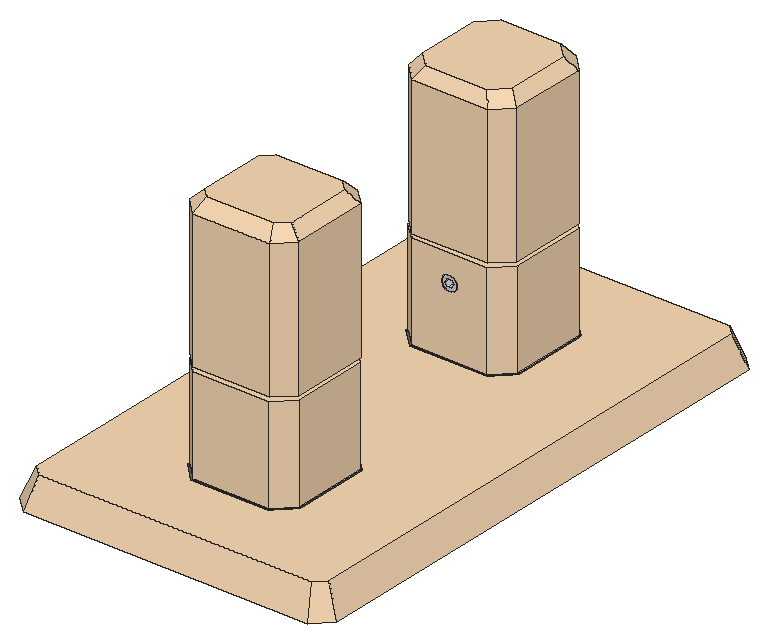
Revit family "Shower-Valve_Trim-KALLISTA-Italy-P33365", category Specialty Equipment, host Face, Revit 2021
Family settings
  Host = Face
  Round Connector Dimension = Use Diameter
  Part Type = Normal
  OmniClass Number = 23.31.25.00
  OmniClass Title = Toilet and Bath Specialties
  Cut with Voids When Loaded = No
  Shared = No
  Room Calculation Point = No
Parameters (values of type "2MB-Brushed Brass")
  Width = 4.56693"  # constant formula
  WaterSense Certified = 1 = 0  # no
  URL = "https://www.kallista.com/"
  Type = 1
  Product Page URL = ""
  Product Name = "Italy"  # constant formula
  Product Documentation Link = ""
  Model = if(Type = 1, "P33365-00-2MB", if(Type = 2, "P33365-00-BGP", if(Type = 3, "P33365-00-BLH", if(Type = 4, "P33365-00-BN", if(Type = 5, "P33365-00-CP", if(Type = 6, "P33365-00-PGP", "NA"))))))  # "P33365-00-2MB"
  Material = "Premium Metal Construction"  # constant formula
  Master Format 2014 Name = "Toilet, Bath, and Laundry Accessories"  # constant formula
  Master Format 2014 = "10 28 00"  # constant formula
  Manufacturer Address = "444 Highland Dr, Kohler, WI 53044"  # constant formula
  Manufacturer = "Kallista Co."  # constant formula
  Length = 4.01575"  # constant formula
  Height = 7.87402"  # constant formula
  Handle Clearance = 1 147/256"  # constant formula
  Finish = Kallista-Metal-2MB- Brushed_Brass
  Environmental Product Declaration = ""
  Description = "3-Outlet Stacked Thermostatic Trim With Diverter"  # constant formula
  Default Elevation = 42"
  Declare Label = ""
  Date Modified = "10/18/2024"  # constant formula
  Date Created = "10/18/2024"  # constant formula
  Copyright = "Copyright Kallista Co."  # constant formula
  Contact Us = "https://www.kallista.com/corporate/contact-us/"
  Assembly Code = "C1030200"
  ADA Compliant = 1 = 0  # no
Types (7): name | Type | Model | Finish
  (no name) | 1 | "P33365-00-2MB" | Kallista-Metal-2MB- Brushed_Brass
  2MB-Brushed Brass | 1 | "P33365-00-2MB" | Kallista-Metal-2MB- Brushed_Brass
  BGP-Brushed Graphite | 2 | "P33365-00-BGP" | Kallista-Metal-BGP-Brushed_Graphite
  BLH-Blush Brass | 3 | "P33365-00-BLH" | Kallista-Metal-BLH-Blush_Brass
  BN-Brushed Nickel | 4 | "P33365-00-BN" | Kallista-Metal-BN-Brushed_Nickel
  CP-Chrome | 5 | "P33365-00-CP" | Kallista-Metal-CP-Chrome
  PGP-Polished Graphite | 6 | "P33365-00-PGP" | Kallista-Metal-PGP-Polished_Graphite
Reference planes (in)
  plane 1 "Center (Front/Back)": y = 0
  plane 2: z = 0
  plane 3 "Center (Left/Right)": x = 0
  plane 4: y = 3.75532
  plane 5: y = 3.93701
  plane 6: y = -3.93701
  plane 7: x = -2.28346
  plane 8: x = 2.28346
  plane 9: y = -1.9685
  plane 10: y = 1.9685
  plane 11: x = -0.7874
  plane 12: x = 0.78682
  plane 13: z = 4.01575
  plane 14: z = 0.43307
  plane 15: y = -1.04721
  plane 16: y = 2.75591
  plane 17: y = 1.1811
  plane 18: y = 1.9685
  plane 19: y = 1.9685
  plane 20: y = -2.75591
  plane 21: y = -1.1811
Dimensions and locks (in)
  "Width": plane 7 to plane 8
  "Height": plane 5 to plane 6
  "Length": level to plane 13
  "Handle Clearance": plane 11 to plane 12
  plane 10 to plane 9 = 3.93701"
  plane 5 to plane 6 = 7.87402"  (x2)
  plane 16 to plane 17 = 1.5748"  (x2)
  plane 21 to plane 20 = 1.5748"  (x2)
  plane 6 to plane 5 = 7.87402"
  level to plane 13 = 4.01575"  (x2)
  plane 17 to plane 16 = 1.5748"
  plane 20 to plane 21 = 1.5748"
  plane 7 to plane 8 = 4.56693"
  plane 11 to plane 12 = 1 147/256"
  level to plane 14 = 0.43307"  (x2)
  plane 14 to level = 0.43307"
  aligned and locked: plane 2 to host face
  aligned and locked: level to host face
  aligned and locked: plane 3 "Center (Left/Right)" to nested 1
  aligned and locked: plane 1 "Center (Front/Back)" to nested 1
Automatic sketch dimensions
  host sketch curve to host sketch curve = 96"  (x2)
Nested families (in)
  nested 1: "P33365" at (0, 0, 0), type "P33365"
Definition of nested family "P33365"
  Parameters
    Material = none
    Default Elevation = 0"
  Reference planes (in)
    plane 1 "Center (Front/Back)": y = 0
    plane 2: z = 0
    plane 3 "Center (Left/Right)": x = 0
    plane 4: y = -3.93701
    plane 5: y = 3.93701
    plane 6: x = -2.28346
    plane 7: x = 2.28346
    plane 8: y = 1.9685
    plane 9: y = -1.9685
    plane 10: y = -1.9685
    plane 11: z = 3.85802
    plane 12: z = 0.43307
    plane 13: z = 4.01575
    plane 14: y = -1.04721
    plane 15: x = 0.7874
    plane 16: x = -0.7874
    plane 17: y = 2.75591
    plane 18: y = 1.1811
    plane 19: y = -2.75591
    plane 20: y = -1.1811
  Forms (in)
    Blend 1, solid, material <- "Material", detail levels medium+fine
      base sketch origin (0, 0, 0) x (1, 0, 0) y (0, 1, 0)
        loop
          line (2.05113, 3.93701) -> (-2.0469, 3.93701) -> (-2.28346, 3.70044) -> (-2.28346, -3.69967) -> (-2.04613, -3.93701) -> (2.0497, -3.93701) -> (2.28346, -3.70325) -> (2.28346, 3.70468) -> (2.05113, 3.93701)
      top sketch origin (0, 0, 0) x (1, 0, 0) y (0, 1, 0)
        loop
          line (-1.98293, 3.75532) -> (-2.10632, 3.63193) -> (-2.10632, -3.62597) -> (-1.97127, -3.76102) -> (1.97189, -3.76102) -> (2.10291, -3.63) -> (2.10291, 3.63109) -> (1.97868, 3.75532) -> (-1.98293, 3.75532)
      from 0 to 0.43358
    Blend 2, solid, material <- "Material", detail levels medium+fine
      base sketch origin (0, 0, 0) x (1, 0, 0) y (0, 1, 0)
        loop
          line (-0.78877, 1.41604) -> (-0.55057, 1.17783) -> (0.54389, 1.17783) -> (0.78877, 1.42271) -> (0.78877, 2.51429) -> (0.54389, 2.75917) -> (-0.55057, 2.75917) -> (-0.78877, 2.52097) -> (-0.78877, 1.41604)
      top sketch origin (0, 0, 0) x (1, 0, 0) y (0, 1, 0)
        loop
          line (-0.78877, 1.41604) -> (-0.55057, 1.17783) -> (0.54389, 1.17783) -> (0.78877, 1.42271) -> (0.78877, 2.51429) -> (0.54389, 2.75917) -> (-0.55057, 2.75917) -> (-0.78877, 2.52097) -> (-0.78877, 1.41604)
      from 0.43358 to 1.81471
    Blend 3, solid, material <- "Material", detail levels medium+fine
      base sketch origin (0, 0, 0) x (1, 0, 0) y (0, 1, 0)
        loop
          line (-0.78877, -1.41604) -> (-0.78877, -2.52097) -> (-0.55057, -2.75917) -> (0.54389, -2.75917) -> (0.78877, -2.51429) -> (0.78877, -1.42271) -> (0.54389, -1.17783) -> (-0.55057, -1.17783) -> (-0.78877, -1.41604)
      top sketch origin (0, 0, 0) x (1, 0, 0) y (0, 1, 0)
        loop
          line (-0.78877, -1.41604) -> (-0.78877, -2.52097) -> (-0.55057, -2.75917) -> (0.54389, -2.75917) -> (0.78877, -2.51429) -> (0.78877, -1.42271) -> (0.54389, -1.17783) -> (-0.55057, -1.17783) -> (-0.78877, -1.41604)
      from 0.43358 to 1.81471
    Revolve 4, solid, detail levels medium+fine
      sketch origin (0, 0, 0) x (0, 1, 0) y (0, 0, 1)
        loop
          line (1.9685, 1.8777) -> (1.9685, 1.81471) -> (2.43095, 1.81471) -> (2.43095, 1.8462) -> (2.69687, 1.8462) -> (2.69687, 1.8777) -> (1.9685, 1.8777)
        axis (1.9685, 1.81471) -> (1.9685, 1.8777)
      angle from 0 to 360
    Revolve 5, solid, detail levels medium+fine
      sketch origin (0, 0, 0) x (0, -1, 0) y (0, 0, -1)
        loop
          line (1.9685, -1.8777) -> (2.69687, -1.8777) -> (2.69687, -1.8462) -> (2.43095, -1.8462) -> (2.43095, -1.81471) -> (1.9685, -1.81471) -> (1.9685, -1.8777)
        axis (1.9685, -1.81471) -> (1.9685, -1.8777)
      angle from 0 to 360
    Extrusion 6, solid, material <- "Material", detail levels medium+fine
      sketch origin (0, 0, 0) x (1, 0, 0) y (0, 1, 0)
        loop
          line (0.78662, 1.41005) -> (0.78662, 2.52024) -> (0.55213, 2.75473) -> (-0.54829, 2.75473) -> (-0.78819, 2.51483) -> (-0.78819, 1.4247) -> (-0.53905, 1.17556) -> (0.55213, 1.17556) -> (0.78662, 1.41005)
      from 1.8777 to 3.85967
    Extrusion 7, solid, material <- "Material", detail levels medium+fine
      sketch origin (0, 0, 0) x (1, 0, 0) y (0, 1, 0)
        loop
          line (0.78662, -1.41005) -> (0.55213, -1.17556) -> (-0.53905, -1.17556) -> (-0.78819, -1.4247) -> (-0.78819, -2.51483) -> (-0.54829, -2.75473) -> (0.55213, -2.75473) -> (0.78662, -2.52024) -> (0.78662, -1.41005)
      from 1.8777 to 3.85967
    Blend 8, solid, material <- "Material", detail levels medium+fine
      base sketch origin (0, 0, 0) x (1, 0, 0) y (0, 1, 0)
        loop
          line (0.78662, 1.41005) -> (0.78662, 2.52024) -> (0.55213, 2.75473) -> (-0.54829, 2.75473) -> (-0.78819, 2.51483) -> (-0.78819, 1.4247) -> (-0.53905, 1.17556) -> (0.55213, 1.17556) -> (0.78662, 1.41005)
      top sketch origin (0, 0, 0) x (1, 0, 0) y (0, 1, 0)
        loop
          line (-0.43623, 2.64079) -> (-0.64925, 2.42778) -> (-0.64925, 1.50923) -> (-0.43623, 1.29621) -> (0.43623, 1.29621) -> (0.64925, 1.50923) -> (0.64925, 2.42778) -> (0.43623, 2.64079) -> (-0.43623, 2.64079)
      from 3.85967 to 4.02402
    Blend 9, solid, material <- "Material", detail levels medium+fine
      base sketch origin (0, 0, 0) x (1, 0, 0) y (0, 1, 0)
        loop
          line (0.55213, -1.17556) -> (-0.53905, -1.17556) -> (-0.78819, -1.4247) -> (-0.78819, -2.51483) -> (-0.54829, -2.75473) -> (0.55213, -2.75473) -> (0.78662, -2.52024) -> (0.78662, -1.41005) -> (0.55213, -1.17556)
      top sketch origin (0, 0, 0) x (1, 0, 0) y (0, 1, 0)
        loop
          line (-0.48545, -2.59158) -> (0.48545, -2.59158) -> (0.62464, -2.45239) -> (0.62464, -1.48462) -> (0.48545, -1.34543) -> (-0.48545, -1.34543) -> (-0.62464, -1.48462) -> (-0.62464, -2.45239) -> (-0.48545, -2.59158)
      from 3.85967 to 4.02402
    Extrusion 10, void
      sketch origin (0, 0, 0) x (1, 0, 0) y (0, 0, 1)
        loop
          circle (-0.00221, 1.42345) r 0.11024
      from -1.49506 to -1.14184
    Extrusion 11, solid, detail levels medium+fine
      sketch origin (0, 0, 0) x (1, 0, 0) y (0, 0, 1)
        loop
          circle (0.00119, 1.42046) r 0.1063
        loop
          line (-0.06493, 1.42128) -> (-0.03217, 1.36454) -> (0.03291, 1.36454) -> (0.06605, 1.42194) -> (0.03301, 1.47916) -> (-0.03151, 1.47916) -> (-0.06493, 1.42128)
      from -1.49506 to -1.18137
    Extrusion 12, solid, material <- "Material", detail levels medium+fine
      sketch origin (0, 0, 0) x (1, 0, 0) y (0, 0, 1)
        loop
          line (0.14917, 2.60015) -> (0.14917, 2.87507)
          arc (0.14917, 2.87507) -> (0.00134, 3.02289) -> (-0.14648, 2.87507) r 0.14782
          line (-0.14648, 2.87507) -> (-0.14648, 2.60015)
          arc (-0.14648, 2.60015) -> (0.00134, 2.45232) -> (0.14917, 2.60015) r 0.14782
        loop
          arc (0.09824, 2.87666) -> (0.00063, 2.97427) -> (-0.09697, 2.87666) r 0.09761
          line (-0.09697, 2.87666) -> (-0.09697, 2.59704)
          arc (-0.09697, 2.59704) -> (0.00063, 2.49944) -> (0.09824, 2.59704) r 0.09761
          line (0.09824, 2.59704) -> (0.09824, 2.87666)
      from 1.04721 to 1.31456
    Extrusion 13, solid, material <- "Material", detail levels medium+fine
      sketch origin (0, 0, 0) x (1, 0, 0) y (0, 0, 1)
        loop
          arc (0.09824, 2.87666) -> (0.00063, 2.97427) -> (-0.09697, 2.87666) r 0.09761
          line (-0.09697, 2.87666) -> (-0.09697, 2.59704)
          arc (-0.09697, 2.59704) -> (0.00063, 2.49944) -> (0.09824, 2.59704) r 0.09761
          line (0.09824, 2.59704) -> (0.09824, 2.87666)
      from 1.04721 to 1.41604
    Blend 14, solid, material <- "Material", detail levels coarse
      base sketch origin (0, 0, 0) x (1, 0, 0) y (0, 1, 0)
        loop
          line (2.28346, 3.93701) -> (-2.28346, 3.93701) -> (-2.28346, -3.93701) -> (2.28346, -3.93701) -> (2.28346, 3.93701)
      top sketch origin (0, 0, 0) x (1, 0, 0) y (0, 1, 0)
        loop
          line (2.10291, -3.76102) -> (2.10291, 3.75532) -> (-2.10632, 3.75532) -> (-2.10632, -3.76102) -> (2.10291, -3.76102)
      from 0 to 0.43358
    Blend 15, solid, material <- "Material", detail levels coarse
      base sketch origin (0, 0, 0) x (1, 0, 0) y (0, 1, 0)
        loop
          line (0.78662, 1.41005) -> (0.78662, 2.52024) -> (0.55213, 2.75473) -> (-0.54829, 2.75473) -> (-0.78819, 2.51483) -> (-0.78819, 1.4247) -> (-0.53905, 1.17556) -> (0.55213, 1.17556) -> (0.78662, 1.41005)
      top sketch origin (0, 0, 0) x (1, 0, 0) y (0, 1, 0)
        loop
          line (0.78662, 1.41005) -> (0.78662, 2.52024) -> (0.55213, 2.75473) -> (-0.54829, 2.75473) -> (-0.78819, 2.51483) -> (-0.78819, 1.4247) -> (-0.53905, 1.17556) -> (0.55213, 1.17556) -> (0.78662, 1.41005)
      from 0 to 4.02402
    Blend 16, solid, material <- "Material", detail levels coarse
      base sketch origin (0, -0.00554, 0) x (1, 0, 0) y (0, 1, 0)
        loop
          line (0.78662, -1.41005) -> (0.55213, -1.17556) -> (-0.53905, -1.17556) -> (-0.78819, -1.4247) -> (-0.78819, -2.51483) -> (-0.54829, -2.75473) -> (0.55213, -2.75473) -> (0.78662, -2.52024) -> (0.78662, -1.41005)
      top sketch origin (0, -0.00554, 0) x (1, 0, 0) y (0, 1, 0)
        loop
          line (0.78662, -1.41005) -> (0.55213, -1.17556) -> (-0.53905, -1.17556) -> (-0.78819, -1.4247) -> (-0.78819, -2.51483) -> (-0.54829, -2.75473) -> (0.55213, -2.75473) -> (0.78662, -2.52024) -> (0.78662, -1.41005)
      from 0 to 4.02402
    Extrusion 17, solid, material <- "Material", detail levels coarse
      sketch origin (0, 0, 0) x (1, 0, 0) y (0, 0, 1)
        loop
          line (-0.14648, 2.87507) -> (-0.14648, 2.60015)
          arc (-0.14648, 2.60015) -> (0.00134, 2.45232) -> (0.14917, 2.60015) r 0.14782
          line (0.14917, 2.60015) -> (0.14917, 2.87507)
          arc (0.14917, 2.87507) -> (0.00134, 3.02289) -> (-0.14648, 2.87507) r 0.14782
      from 1.03851 to 1.42271
    Extrusion 18, void
      sketch origin (0, 0, 0) x (1, 0, 0) y (0, 1, 0)
        loop
          line (0.55204, -1.15815) -> (-0.55872, -1.15815) -> (-0.80846, -1.40788) -> (-0.80846, -2.52913) -> (-0.55872, -2.77886) -> (0.55204, -2.77886) -> (0.80846, -2.52245) -> (0.80846, -1.41456) -> (0.55204, -1.15815)
        loop
          line (0.80846, 1.41456) -> (0.80846, 2.52245) -> (0.55204, 2.77886) -> (-0.55872, 2.77886) -> (-0.80846, 2.52913) -> (-0.80846, 1.40788) -> (-0.55872, 1.15815) -> (0.55204, 1.15815) -> (0.80846, 1.41456)
        loop
          line (-0.78877, 1.41604) -> (-0.55057, 1.17783) -> (0.54389, 1.17783) -> (0.78877, 1.42271) -> (0.78877, 2.51429) -> (0.54389, 2.75917) -> (-0.55057, 2.75917) -> (-0.78877, 2.52097) -> (-0.78877, 1.41604)
        loop
          line (-0.78877, -2.52097) -> (-0.55057, -2.75917) -> (0.54389, -2.75917) -> (0.78877, -2.51429) -> (0.78877, -1.42271) -> (0.54389, -1.17783) -> (-0.55057, -1.17783) -> (-0.78877, -1.41604) -> (-0.78877, -2.52097)
      from 0.41211 to 0.50627
    Extrusion 19, solid, detail levels medium+fine
      sketch origin (0, 0, 0) x (1, 0, 0) y (0, 1, 0)
        loop
          line (0.55204, -1.15815) -> (-0.55872, -1.15815) -> (-0.80846, -1.40788) -> (-0.80846, -2.52913) -> (-0.55872, -2.77886) -> (0.55204, -2.77886) -> (0.80846, -2.52245) -> (0.80846, -1.41456) -> (0.55204, -1.15815)
        loop
          line (0.80846, 1.41456) -> (0.80846, 2.52245) -> (0.55204, 2.77886) -> (-0.55872, 2.77886) -> (-0.80846, 2.52913) -> (-0.80846, 1.40788) -> (-0.55872, 1.15815) -> (0.55204, 1.15815) -> (0.80846, 1.41456)
        loop
          line (-0.78877, 1.41604) -> (-0.55057, 1.17783) -> (0.54389, 1.17783) -> (0.78877, 1.42271) -> (0.78877, 2.51429) -> (0.54389, 2.75917) -> (-0.55057, 2.75917) -> (-0.78877, 2.52097) -> (-0.78877, 1.41604)
        loop
          line (-0.78877, -2.52097) -> (-0.55057, -2.75917) -> (0.54389, -2.75917) -> (0.78877, -2.51429) -> (0.78877, -1.42271) -> (0.54389, -1.17783) -> (-0.55057, -1.17783) -> (-0.78877, -1.41604) -> (-0.78877, -2.52097)
      from 0.41211 to 0.43358
  Cuts and joins
    joined: Extrusion 12, Extrusion 13
    Extrusion 10 cuts Blend 2
    joined: Blend 2, Blend 3
    joined: Extrusion 7, Blend 9
    joined: Extrusion 6, Blend 8
    Extrusion 18 cuts Blend 1
  Lines and regions (in)
    Masking region 1
      outline origin (0, 0, 0) x (1, 0, 0) y (0, 1, 0)
        loop
          line (2.28346, 3.70468) -> (2.05113, 3.93701) -> (-2.0469, 3.93701) -> (-2.28346, 3.70044) -> (-2.28346, -3.69967) -> (-2.04613, -3.93701) -> (2.0497, -3.93701) -> (2.28346, -3.70325) -> (2.28346, 3.70468)
    Masking region 2
      outline origin (0, 0, 0) x (1, 0, 0) y (0, 0, 1)
        loop
          line (0.6328, 4.01575) -> (-0.6328, 4.01575) -> (-0.7874, 3.85887) -> (-0.7874, 1.8777) -> (-0.72837, 1.8777) -> (-0.72837, 1.8462) -> (-0.46325, 1.8462) -> (-0.46325, 1.81471) -> (-0.7874, 1.81471) -> (-0.7874, 0.43307) -> (-2.10558, 0.43307) -> (-2.28346, 0.25518) -> (-2.28346, 0) -> (2.28346, 0) -> (2.28346, 0.25518) -> (2.10558, 0.43307) -> (0.7874, 0.43307) -> (0.7874, 1.81471) -> (0.46325, 1.81471) -> (0.46325, 1.8462) -> (0.72837, 1.8462) -> (0.72837, 1.8777) -> (0.7874, 1.8777) -> (0.7874, 3.85887) -> (0.6328, 4.01575)
    Masking region 3
      outline origin (0, 0, 0) x (0, 1, 0) y (0, 0, 1)
        loop
          line (3.93701, 0) -> (3.93701, 0.25518) -> (3.75912, 0.43307) -> (2.75591, 0.43307) -> (2.75591, 1.81471) -> (2.43095, 1.81471) -> (2.43095, 1.8462) -> (2.69687, 1.8462) -> (2.69687, 1.8777) -> (2.75591, 1.8777) -> (2.75591, 3.85848) -> (2.5998, 4.01575) -> (1.33721, 4.01575) -> (1.1811, 3.85848) -> (1.1811, 1.8777) -> (1.24014, 1.8777) -> (1.24014, 1.8462) -> (1.50606, 1.8462) -> (1.50606, 1.81471) -> (1.1811, 1.81471) -> (1.1811, 0.43307) -> (-1.1811, 0.43307) -> (-1.1811, 1.81471) -> (-1.50606, 1.81471) -> (-1.50606, 1.8462) -> (-1.24014, 1.8462) -> (-1.24014, 1.8777) -> (-1.1811, 1.8777) -> (-1.1811, 2.45232) -> (-1.04721, 2.45232) -> (-1.04721, 3.02289) -> (-1.1811, 3.02289) -> (-1.1811, 3.85848) -> (-1.33721, 4.01575) -> (-2.5998, 4.01575) -> (-2.75591, 3.85848) -> (-2.75591, 1.8777) -> (-2.69687, 1.8777) -> (-2.69687, 1.8462) -> (-2.43095, 1.8462) -> (-2.43095, 1.81471) -> (-2.75591, 1.81471) -> (-2.75591, 0.43307) -> (-3.75912, 0.43307) -> (-3.93701, 0.25518) -> (-3.93701, 0) -> (3.93701, 0)
    symbolic lines, detail levels medium+fine
      curve 1: line (0.55213, 2.75473, 0) -> (-0.54829, 2.75473, 0)
      curve 2: line (-0.78819, 2.51483, 0) -> (-0.78819, 1.4247, 0)
      curve 3: line (-0.54829, 2.75473, 0) -> (-0.78819, 2.51483, 0)
      curve 4: line (-0.78819, 1.4247, 0) -> (-0.53905, 1.17556, 0)
      curve 5: line (-0.53905, 1.17556, 0) -> (0.55213, 1.17556, 0)
      curve 6: line (0.55213, 1.17556, 0) -> (0.78662, 1.41005, 0)
      curve 7: line (0.78662, 1.41005, 0) -> (0.78662, 2.52024, 0)
      curve 8: line (0.48545, 2.59158, 0) -> (-0.48545, 2.59158, 0)
      curve 9: line (-0.48545, 2.59158, 0) -> (-0.62464, 2.45239, 0)
      curve 10: line (-0.62464, 2.45239, 0) -> (-0.62464, 1.48462, 0)
      curve 11: line (-0.62464, 1.48462, 0) -> (-0.48545, 1.34543, 0)
      curve 12: line (-0.48545, 1.34543, 0) -> (0.48545, 1.34543, 0)
      curve 13: line (0.48545, 1.34543, 0) -> (0.62464, 1.48462, 0)
      curve 14: line (0.62464, 1.48462, 0) -> (0.62464, 2.45239, 0)
      curve 15: line (0.62464, 2.45239, 0) -> (0.48545, 2.59158, 0)
      curve 16: line (0.55213, -1.17556, 0) -> (-0.53905, -1.17556, 0)
      curve 17: line (-0.53905, -1.17556, 0) -> (-0.78819, -1.4247, 0)
      curve 18: line (-0.78819, -1.4247, 0) -> (-0.78819, -2.51483, 0)
      curve 19: line (-0.78819, -2.51483, 0) -> (-0.54829, -2.75473, 0)
      curve 20: line (-0.54829, -2.75473, 0) -> (0.55213, -2.75473, 0)
      curve 21: line (0.55213, -2.75473, 0) -> (0.78662, -2.52024, 0)
      curve 22: line (0.78662, -2.52024, 0) -> (0.78662, -1.41005, 0)
      curve 23: line (0.78662, -1.41005, 0) -> (0.55213, -1.17556, 0)
      curve 24: line (0.48545, -1.34543, 0) -> (-0.48545, -1.34543, 0)
      curve 25: line (-0.48545, -1.34543, 0) -> (-0.62464, -1.48462, 0)
      curve 26: line (-0.62464, -1.48462, 0) -> (-0.62464, -2.45239, 0)
      curve 27: line (-0.62464, -2.45239, 0) -> (-0.48545, -2.59158, 0)
      curve 28: line (-0.48545, -2.59158, 0) -> (0.48545, -2.59158, 0)
      curve 29: line (0.48545, -2.59158, 0) -> (0.62464, -2.45239, 0)
      curve 30: line (0.62464, -2.45239, 0) -> (0.62464, -1.48462, 0)
      curve 31: line (0.62464, -1.48462, 0) -> (0.48545, -1.34543, 0)
      curve 32: line (1.97868, 3.75532, 0) -> (-1.98293, 3.75532, 0)
      curve 33: line (-1.98293, 3.75532, 0) -> (-2.10632, 3.63193, 0)
      curve 34: line (-2.10632, 3.63193, 0) -> (-2.10632, -3.62597, 0)
      curve 35: line (-2.10632, -3.62597, 0) -> (-1.97127, -3.76102, 0)
      curve 36: line (-1.97127, -3.76102, 0) -> (1.97189, -3.76102, 0)
      curve 37: line (1.97189, -3.76102, 0) -> (2.10291, -3.63, 0)
      curve 38: line (2.10291, -3.63, 0) -> (2.10291, 3.63109, 0)
      curve 39: line (2.10291, 3.63109, 0) -> (1.97868, 3.75532, 0)
      curve 40: line (2.05113, 3.93701, 0) -> (1.97868, 3.75532, 0)
      curve 41: line (2.28346, 3.70468, 0) -> (2.10291, 3.63109, 0)
      curve 42: line (-2.28346, 3.70044, 0) -> (-2.10632, 3.63193, 0)
      curve 43: line (-1.98293, 3.75532, 0) -> (-2.0469, 3.93701, 0)
      curve 44: line (-2.28346, -3.69967, 0) -> (-2.10632, -3.62597, 0)
      curve 45: line (-2.04613, -3.93701, 0) -> (-1.97127, -3.76102, 0)
      curve 46: line (2.0497, -3.93701, 0) -> (1.97189, -3.76102, 0)
      curve 47: line (2.28346, -3.70325, 0) -> (2.10291, -3.63, 0)
      curve 48: line (0.55213, 2.75473, 0) -> (0.78662, 2.52024, 0)
      curve 49: line (0.72837, 0, 1.8777) -> (-0.72837, 0, 1.8777)
      curve 50: line (0.46325, 0, 1.8462) -> (-0.46325, 0, 1.8462)
      curve 51: line (0.46325, 0, 1.81471) -> (-0.46325, 0, 1.81471)
      curve 52: line (0.78877, 0, 0.43358) -> (-0.78877, 0, 0.43358)
      curve 53: line (2.28346, 0, 0.25518) -> (-2.28346, 0, 0.25518)
      curve 54: line (-0.78819, 0, 3.85967) -> (0.78662, 0, 3.85967)
      curve 55: line (0, 2.75591, 3.85848) -> (0, 1.1811, 3.85848)
      curve 56: line (0, -1.1811, 3.85848) -> (0, -2.75591, 3.85848)
      curve 57: line (0, 2.69687, 1.8777) -> (0, 1.24014, 1.8777)
      curve 58: line (0, 2.43095, 1.8462) -> (0, 1.50606, 1.8462)
      curve 59: line (0, 2.43095, 1.81471) -> (0, 1.50606, 1.81471)
      curve 60: line (0, 2.75591, 0.43307) -> (0, 1.1811, 0.43307)
      curve 61: line (0, 3.93701, 0.25518) -> (0, -3.93701, 0.25518)
      curve 62: line (0, -1.1811, 0.43307) -> (0, -2.75591, 0.43307)
      curve 63: line (0, -1.24014, 1.8777) -> (0, -2.69687, 1.8777)
      curve 64: line (0, -1.50606, 1.8462) -> (0, -2.43095, 1.8462)
      curve 65: line (0, -1.50606, 1.81471) -> (0, -2.43095, 1.81471)
      curve 66: line (0, -1.1811, 3.02289) -> (0, -1.1811, 2.45232)
      curve 67: line (-0.14408, -1.17556, 0) -> (-0.14408, -1.04721, 0)
      curve 68: line (-0.14408, -1.04721, 0) -> (0.15064, -1.04721, 0)
      curve 69: line (0.15064, -1.04721, 0) -> (0.15064, -1.17556, 0)
  Dimensions and locks (in)
    plane 15 to plane 16 = 1.5748"
    plane 19 to plane 20 = 1.5748"
    plane 16 to plane 15 = 1.5748"
    plane 18 to plane 17 = 1.5748"
    aligned and locked: plane 2 to level
    aligned and locked: plane 13 to Masking region 2 sketch curve
    aligned and locked: plane 16 to Masking region 2 sketch curve  (x2)
    aligned and locked: plane 15 to Masking region 2 sketch curve  (x2)
    aligned and locked: plane 12 to Masking region 2 sketch curve  (x2)
    aligned and locked: plane 6 to Masking region 2 sketch curve
    aligned and locked: plane 7 to Masking region 2 sketch curve
    aligned and locked: Masking region 2 sketch curve to level
    aligned and locked: plane 17 to Masking region 3 sketch curve  (x2)
    aligned and locked: plane 18 to Masking region 3 sketch curve  (x2)
    aligned and locked: Masking region 3 sketch curve to plane 13
    aligned and locked: Masking region 3 sketch curve to plane 12  (x3)
    aligned and locked: plane 13 to Masking region 3 sketch curve
    aligned and locked: plane 20 to Masking region 3 sketch curve  (x3)
    aligned and locked: plane 14 to Masking region 3 sketch curve
    aligned and locked: plane 19 to Masking region 3 sketch curve  (x2)
    aligned and locked: Masking region 3 sketch curve to plane 4
    aligned and locked: Blend 16 to plane 20
    aligned and locked: plane 14 to curve 68
